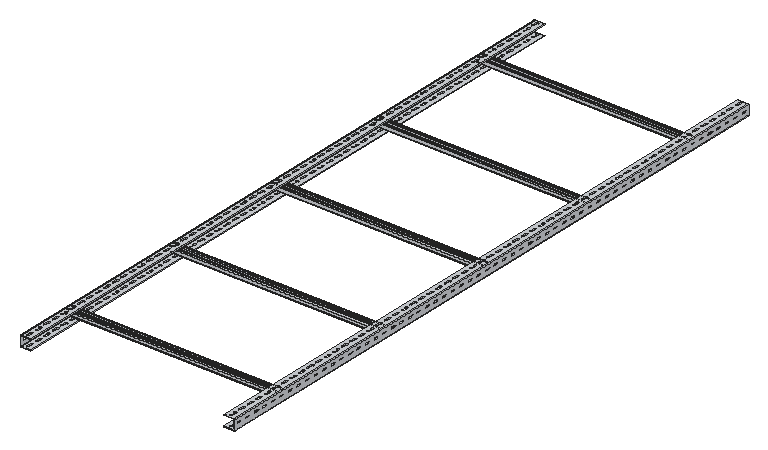
Revit family "steigeleiter_1000_FT", category Generic Models, Revit 2017 (continued)
Forms (mm)
  Extrusion 150, void
    sketch origin (0, 1400, 0) x (1, 0, 0) y (0, 1, 0)
      loop
        arc (-480.5, 15.5) -> (-475, 10) -> (-469.5, 15.5) r 5.5
        line (-469.5, 15.5) -> (-469.5, 34.5)
        arc (-469.5, 34.5) -> (-475, 40) -> (-480.5, 34.5) r 5.5
        line (-480.5, 34.5) -> (-480.5, 15.5)
    from 0 to 2.5
  Extrusion 151, void
    sketch origin (0, 1450, 0) x (1, 0, 0) y (0, 1, 0)
      loop
        arc (-480.5, 15.5) -> (-475, 10) -> (-469.5, 15.5) r 5.5
        line (-469.5, 15.5) -> (-469.5, 34.5)
        arc (-469.5, 34.5) -> (-475, 40) -> (-480.5, 34.5) r 5.5
        line (-480.5, 34.5) -> (-480.5, 15.5)
    from 0 to 2.5
  Extrusion 152, void
    sketch origin (0, 1500, 0) x (1, 0, 0) y (0, 1, 0)
      loop
        arc (-480.5, 15.5) -> (-475, 10) -> (-469.5, 15.5) r 5.5
        line (-469.5, 15.5) -> (-469.5, 34.5)
        arc (-469.5, 34.5) -> (-475, 40) -> (-480.5, 34.5) r 5.5
        line (-480.5, 34.5) -> (-480.5, 15.5)
    from 0 to 2.5
  Extrusion 153, void
    sketch origin (0, 1550, 0) x (1, 0, 0) y (0, 1, 0)
      loop
        arc (-480.5, 15.5) -> (-475, 10) -> (-469.5, 15.5) r 5.5
        line (-469.5, 15.5) -> (-469.5, 34.5)
        arc (-469.5, 34.5) -> (-475, 40) -> (-480.5, 34.5) r 5.5
        line (-480.5, 34.5) -> (-480.5, 15.5)
    from 0 to 2.5
  Extrusion 154, void
    sketch origin (0, 1600, 0) x (1, 0, 0) y (0, 1, 0)
      loop
        arc (-480.5, 15.5) -> (-475, 10) -> (-469.5, 15.5) r 5.5
        line (-469.5, 15.5) -> (-469.5, 34.5)
        arc (-469.5, 34.5) -> (-475, 40) -> (-480.5, 34.5) r 5.5
        line (-480.5, 34.5) -> (-480.5, 15.5)
    from 0 to 2.5
  Extrusion 155, void
    sketch origin (0, 1650, 0) x (1, 0, 0) y (0, 1, 0)
      loop
        arc (-480.5, 15.5) -> (-475, 10) -> (-469.5, 15.5) r 5.5
        line (-469.5, 15.5) -> (-469.5, 34.5)
        arc (-469.5, 34.5) -> (-475, 40) -> (-480.5, 34.5) r 5.5
        line (-480.5, 34.5) -> (-480.5, 15.5)
    from 0 to 2.5
  Extrusion 156, void
    sketch origin (0, 1700, 0) x (1, 0, 0) y (0, 1, 0)
      loop
        arc (-480.5, 15.5) -> (-475, 10) -> (-469.5, 15.5) r 5.5
        line (-469.5, 15.5) -> (-469.5, 34.5)
        arc (-469.5, 34.5) -> (-475, 40) -> (-480.5, 34.5) r 5.5
        line (-480.5, 34.5) -> (-480.5, 15.5)
    from 0 to 2.5
  Extrusion 157, void
    sketch origin (0, 1750, 0) x (1, 0, 0) y (0, 1, 0)
      loop
        arc (-480.5, 15.5) -> (-475, 10) -> (-469.5, 15.5) r 5.5
        line (-469.5, 15.5) -> (-469.5, 34.5)
        arc (-469.5, 34.5) -> (-475, 40) -> (-480.5, 34.5) r 5.5
        line (-480.5, 34.5) -> (-480.5, 15.5)
    from 0 to 2.5
  Extrusion 158, void
    sketch origin (0, 1800, 0) x (1, 0, 0) y (0, 1, 0)
      loop
        arc (-480.5, 15.5) -> (-475, 10) -> (-469.5, 15.5) r 5.5
        line (-469.5, 15.5) -> (-469.5, 34.5)
        arc (-469.5, 34.5) -> (-475, 40) -> (-480.5, 34.5) r 5.5
        line (-480.5, 34.5) -> (-480.5, 15.5)
    from 0 to 2.5
  Extrusion 159, void
    sketch origin (0, 1850, 0) x (1, 0, 0) y (0, 1, 0)
      loop
        arc (-480.5, 15.5) -> (-475, 10) -> (-469.5, 15.5) r 5.5
        line (-469.5, 15.5) -> (-469.5, 34.5)
        arc (-469.5, 34.5) -> (-475, 40) -> (-480.5, 34.5) r 5.5
        line (-480.5, 34.5) -> (-480.5, 15.5)
    from 0 to 2.5
  Extrusion 160, void
    sketch origin (0, 1900, 0) x (1, 0, 0) y (0, 1, 0)
      loop
        arc (-480.5, 15.5) -> (-475, 10) -> (-469.5, 15.5) r 5.5
        line (-469.5, 15.5) -> (-469.5, 34.5)
        arc (-469.5, 34.5) -> (-475, 40) -> (-480.5, 34.5) r 5.5
        line (-480.5, 34.5) -> (-480.5, 15.5)
    from 0 to 2.5
  Extrusion 161, void
    sketch origin (0, 1950, 0) x (1, 0, 0) y (0, 1, 0)
      loop
        arc (-480.5, 15.5) -> (-475, 10) -> (-469.5, 15.5) r 5.5
        line (-469.5, 15.5) -> (-469.5, 34.5)
        arc (-469.5, 34.5) -> (-475, 40) -> (-480.5, 34.5) r 5.5
        line (-480.5, 34.5) -> (-480.5, 15.5)
    from 0 to 2.5
  Extrusion 162, void
    sketch origin (0, 2000, 0) x (1, 0, 0) y (0, 1, 0)
      loop
        arc (-480.5, 15.5) -> (-475, 10) -> (-469.5, 15.5) r 5.5
        line (-469.5, 15.5) -> (-469.5, 34.5)
        arc (-469.5, 34.5) -> (-475, 40) -> (-480.5, 34.5) r 5.5
        line (-480.5, 34.5) -> (-480.5, 15.5)
    from 0 to 2.5
  Extrusion 163, void
    sketch origin (0, 2050, 0) x (1, 0, 0) y (0, 1, 0)
      loop
        arc (-480.5, 15.5) -> (-475, 10) -> (-469.5, 15.5) r 5.5
        line (-469.5, 15.5) -> (-469.5, 34.5)
        arc (-469.5, 34.5) -> (-475, 40) -> (-480.5, 34.5) r 5.5
        line (-480.5, 34.5) -> (-480.5, 15.5)
    from 0 to 2.5
  Extrusion 164, void
    sketch origin (0, 2100, 0) x (1, 0, 0) y (0, 1, 0)
      loop
        arc (-480.5, 15.5) -> (-475, 10) -> (-469.5, 15.5) r 5.5
        line (-469.5, 15.5) -> (-469.5, 34.5)
        arc (-469.5, 34.5) -> (-475, 40) -> (-480.5, 34.5) r 5.5
        line (-480.5, 34.5) -> (-480.5, 15.5)
    from 0 to 2.5
  Extrusion 165, void
    sketch origin (0, 2150, 0) x (1, 0, 0) y (0, 1, 0)
      loop
        arc (-480.5, 15.5) -> (-475, 10) -> (-469.5, 15.5) r 5.5
        line (-469.5, 15.5) -> (-469.5, 34.5)
        arc (-469.5, 34.5) -> (-475, 40) -> (-480.5, 34.5) r 5.5
        line (-480.5, 34.5) -> (-480.5, 15.5)
    from 0 to 2.5
  Extrusion 166, void
    sketch origin (0, 2200, 0) x (1, 0, 0) y (0, 1, 0)
      loop
        arc (-480.5, 15.5) -> (-475, 10) -> (-469.5, 15.5) r 5.5
        line (-469.5, 15.5) -> (-469.5, 34.5)
        arc (-469.5, 34.5) -> (-475, 40) -> (-480.5, 34.5) r 5.5
        line (-480.5, 34.5) -> (-480.5, 15.5)
    from 0 to 2.5
  Extrusion 167, void
    sketch origin (0, 2250, 0) x (1, 0, 0) y (0, 1, 0)
      loop
        arc (-480.5, 15.5) -> (-475, 10) -> (-469.5, 15.5) r 5.5
        line (-469.5, 15.5) -> (-469.5, 34.5)
        arc (-469.5, 34.5) -> (-475, 40) -> (-480.5, 34.5) r 5.5
        line (-480.5, 34.5) -> (-480.5, 15.5)
    from 0 to 2.5
  Extrusion 168, void
    sketch origin (0, 2300, 0) x (1, 0, 0) y (0, 1, 0)
      loop
        arc (-480.5, 15.5) -> (-475, 10) -> (-469.5, 15.5) r 5.5
        line (-469.5, 15.5) -> (-469.5, 34.5)
        arc (-469.5, 34.5) -> (-475, 40) -> (-480.5, 34.5) r 5.5
        line (-480.5, 34.5) -> (-480.5, 15.5)
    from 0 to 2.5
  Extrusion 169, void
    sketch origin (0, 2350, 0) x (1, 0, 0) y (0, 1, 0)
      loop
        arc (-480.5, 15.5) -> (-475, 10) -> (-469.5, 15.5) r 5.5
        line (-469.5, 15.5) -> (-469.5, 34.5)
        arc (-469.5, 34.5) -> (-475, 40) -> (-480.5, 34.5) r 5.5
        line (-480.5, 34.5) -> (-480.5, 15.5)
    from 0 to 2.5
  Extrusion 170, void
    sketch origin (0, 2400, 0) x (1, 0, 0) y (0, 1, 0)
      loop
        arc (-480.5, 15.5) -> (-475, 10) -> (-469.5, 15.5) r 5.5
        line (-469.5, 15.5) -> (-469.5, 34.5)
        arc (-469.5, 34.5) -> (-475, 40) -> (-480.5, 34.5) r 5.5
        line (-480.5, 34.5) -> (-480.5, 15.5)
    from 0 to 2.5
  Extrusion 171, void
    sketch origin (0, 2450, 0) x (1, 0, 0) y (0, 1, 0)
      loop
        arc (-480.5, 15.5) -> (-475, 10) -> (-469.5, 15.5) r 5.5
        line (-469.5, 15.5) -> (-469.5, 34.5)
        arc (-469.5, 34.5) -> (-475, 40) -> (-480.5, 34.5) r 5.5
        line (-480.5, 34.5) -> (-480.5, 15.5)
    from 0 to 2.5
  Extrusion 172, void
    sketch origin (0, 2500, 0) x (1, 0, 0) y (0, 1, 0)
      loop
        arc (-480.5, 15.5) -> (-475, 10) -> (-469.5, 15.5) r 5.5
        line (-469.5, 15.5) -> (-469.5, 34.5)
        arc (-469.5, 34.5) -> (-475, 40) -> (-480.5, 34.5) r 5.5
        line (-480.5, 34.5) -> (-480.5, 15.5)
    from 0 to 2.5
  Extrusion 173, void
    sketch origin (0, 2550, 0) x (1, 0, 0) y (0, 1, 0)
      loop
        arc (-480.5, 15.5) -> (-475, 10) -> (-469.5, 15.5) r 5.5
        line (-469.5, 15.5) -> (-469.5, 34.5)
        arc (-469.5, 34.5) -> (-475, 40) -> (-480.5, 34.5) r 5.5
        line (-480.5, 34.5) -> (-480.5, 15.5)
    from 0 to 2.5
  Extrusion 174, void
    sketch origin (0, 2600, 0) x (1, 0, 0) y (0, 1, 0)
      loop
        arc (-480.5, 15.5) -> (-475, 10) -> (-469.5, 15.5) r 5.5
        line (-469.5, 15.5) -> (-469.5, 34.5)
        arc (-469.5, 34.5) -> (-475, 40) -> (-480.5, 34.5) r 5.5
        line (-480.5, 34.5) -> (-480.5, 15.5)
    from 0 to 2.5
  Extrusion 175, void
    sketch origin (0, 2650, 0) x (1, 0, 0) y (0, 1, 0)
      loop
        arc (-480.5, 15.5) -> (-475, 10) -> (-469.5, 15.5) r 5.5
        line (-469.5, 15.5) -> (-469.5, 34.5)
        arc (-469.5, 34.5) -> (-475, 40) -> (-480.5, 34.5) r 5.5
        line (-480.5, 34.5) -> (-480.5, 15.5)
    from 0 to 2.5
  Extrusion 176, void
    sketch origin (0, 2700, 0) x (1, 0, 0) y (0, 1, 0)
      loop
        arc (-480.5, 15.5) -> (-475, 10) -> (-469.5, 15.5) r 5.5
        line (-469.5, 15.5) -> (-469.5, 34.5)
        arc (-469.5, 34.5) -> (-475, 40) -> (-480.5, 34.5) r 5.5
        line (-480.5, 34.5) -> (-480.5, 15.5)
    from 0 to 2.5
  Extrusion 177, void
    sketch origin (0, 2750, 0) x (1, 0, 0) y (0, 1, 0)
      loop
        arc (-480.5, 15.5) -> (-475, 10) -> (-469.5, 15.5) r 5.5
        line (-469.5, 15.5) -> (-469.5, 34.5)
        arc (-469.5, 34.5) -> (-475, 40) -> (-480.5, 34.5) r 5.5
        line (-480.5, 34.5) -> (-480.5, 15.5)
    from 0 to 2.5
  Extrusion 178, void
    sketch origin (0, 2800, 0) x (1, 0, 0) y (0, 1, 0)
      loop
        arc (-480.5, 15.5) -> (-475, 10) -> (-469.5, 15.5) r 5.5
        line (-469.5, 15.5) -> (-469.5, 34.5)
        arc (-469.5, 34.5) -> (-475, 40) -> (-480.5, 34.5) r 5.5
        line (-480.5, 34.5) -> (-480.5, 15.5)
    from 0 to 2.5
  Extrusion 179, void
    sketch origin (0, 2850, 0) x (1, 0, 0) y (0, 1, 0)
      loop
        arc (-480.5, 15.5) -> (-475, 10) -> (-469.5, 15.5) r 5.5
        line (-469.5, 15.5) -> (-469.5, 34.5)
        arc (-469.5, 34.5) -> (-475, 40) -> (-480.5, 34.5) r 5.5
        line (-480.5, 34.5) -> (-480.5, 15.5)
    from 0 to 2.5
  Extrusion 180, void
    sketch origin (0, 2900, 0) x (1, 0, 0) y (0, 1, 0)
      loop
        arc (-480.5, 15.5) -> (-475, 10) -> (-469.5, 15.5) r 5.5
        line (-469.5, 15.5) -> (-469.5, 34.5)
        arc (-469.5, 34.5) -> (-475, 40) -> (-480.5, 34.5) r 5.5
        line (-480.5, 34.5) -> (-480.5, 15.5)
    from 0 to 2.5
  Extrusion 181, void
    sketch origin (0, 2950, 0) x (1, 0, 0) y (0, 1, 0)
      loop
        arc (-480.5, 15.5) -> (-475, 10) -> (-469.5, 15.5) r 5.5
        line (-469.5, 15.5) -> (-469.5, 34.5)
        arc (-469.5, 34.5) -> (-475, 40) -> (-480.5, 34.5) r 5.5
        line (-480.5, 34.5) -> (-480.5, 15.5)
    from 0 to 2.5
  Extrusion 182, void
    sketch origin (0, 0, 0) x (1, 0, 0) y (0, 1, 0)
      loop
        arc (469.5, 15.5) -> (475, 10) -> (480.5, 15.5) r 5.5
        line (480.5, 15.5) -> (480.5, 34.5)
        arc (480.5, 34.5) -> (475, 40) -> (469.5, 34.5) r 5.5
        line (469.5, 34.5) -> (469.5, 15.5)
    from 0 to 2.5
  Extrusion 183, void
    sketch origin (0, 50, 0) x (1, 0, 0) y (0, 1, 0)
      loop
        arc (469.5, 15.5) -> (475, 10) -> (480.5, 15.5) r 5.5
        line (480.5, 15.5) -> (480.5, 34.5)
        arc (480.5, 34.5) -> (475, 40) -> (469.5, 34.5) r 5.5
        line (469.5, 34.5) -> (469.5, 15.5)
    from 0 to 2.5
  Extrusion 184, void
    sketch origin (0, 100, 0) x (1, 0, 0) y (0, 1, 0)
      loop
        arc (469.5, 15.5) -> (475, 10) -> (480.5, 15.5) r 5.5
        line (480.5, 15.5) -> (480.5, 34.5)
        arc (480.5, 34.5) -> (475, 40) -> (469.5, 34.5) r 5.5
        line (469.5, 34.5) -> (469.5, 15.5)
    from 0 to 2.5
  Extrusion 185, void
    sketch origin (0, 150, 0) x (1, 0, 0) y (0, 1, 0)
      loop
        arc (469.5, 15.5) -> (475, 10) -> (480.5, 15.5) r 5.5
        line (480.5, 15.5) -> (480.5, 34.5)
        arc (480.5, 34.5) -> (475, 40) -> (469.5, 34.5) r 5.5
        line (469.5, 34.5) -> (469.5, 15.5)
    from 0 to 2.5
  Extrusion 186, void
    sketch origin (0, 200, 0) x (1, 0, 0) y (0, 1, 0)
      loop
        arc (469.5, 15.5) -> (475, 10) -> (480.5, 15.5) r 5.5
        line (480.5, 15.5) -> (480.5, 34.5)
        arc (480.5, 34.5) -> (475, 40) -> (469.5, 34.5) r 5.5
        line (469.5, 34.5) -> (469.5, 15.5)
    from 0 to 2.5
  Extrusion 187, void
    sketch origin (0, 250, 0) x (1, 0, 0) y (0, 1, 0)
      loop
        arc (469.5, 15.5) -> (475, 10) -> (480.5, 15.5) r 5.5
        line (480.5, 15.5) -> (480.5, 34.5)
        arc (480.5, 34.5) -> (475, 40) -> (469.5, 34.5) r 5.5
        line (469.5, 34.5) -> (469.5, 15.5)
    from 0 to 2.5
  Extrusion 188, void
    sketch origin (0, 300, 0) x (1, 0, 0) y (0, 1, 0)
      loop
        arc (469.5, 15.5) -> (475, 10) -> (480.5, 15.5) r 5.5
        line (480.5, 15.5) -> (480.5, 34.5)
        arc (480.5, 34.5) -> (475, 40) -> (469.5, 34.5) r 5.5
        line (469.5, 34.5) -> (469.5, 15.5)
    from 0 to 2.5
  Extrusion 189, void
    sketch origin (0, 350, 0) x (1, 0, 0) y (0, 1, 0)
      loop
        arc (469.5, 15.5) -> (475, 10) -> (480.5, 15.5) r 5.5
        line (480.5, 15.5) -> (480.5, 34.5)
        arc (480.5, 34.5) -> (475, 40) -> (469.5, 34.5) r 5.5
        line (469.5, 34.5) -> (469.5, 15.5)
    from 0 to 2.5
  Extrusion 190, void
    sketch origin (0, 400, 0) x (1, 0, 0) y (0, 1, 0)
      loop
        arc (469.5, 15.5) -> (475, 10) -> (480.5, 15.5) r 5.5
        line (480.5, 15.5) -> (480.5, 34.5)
        arc (480.5, 34.5) -> (475, 40) -> (469.5, 34.5) r 5.5
        line (469.5, 34.5) -> (469.5, 15.5)
    from 0 to 2.5
  Extrusion 191, void
    sketch origin (0, 450, 0) x (1, 0, 0) y (0, 1, 0)
      loop
        arc (469.5, 15.5) -> (475, 10) -> (480.5, 15.5) r 5.5
        line (480.5, 15.5) -> (480.5, 34.5)
        arc (480.5, 34.5) -> (475, 40) -> (469.5, 34.5) r 5.5
        line (469.5, 34.5) -> (469.5, 15.5)
    from 0 to 2.5
  Extrusion 192, void
    sketch origin (0, 500, 0) x (1, 0, 0) y (0, 1, 0)
      loop
        arc (469.5, 15.5) -> (475, 10) -> (480.5, 15.5) r 5.5
        line (480.5, 15.5) -> (480.5, 34.5)
        arc (480.5, 34.5) -> (475, 40) -> (469.5, 34.5) r 5.5
        line (469.5, 34.5) -> (469.5, 15.5)
    from 0 to 2.5
  Extrusion 193, void
    sketch origin (0, 550, 0) x (1, 0, 0) y (0, 1, 0)
      loop
        arc (469.5, 15.5) -> (475, 10) -> (480.5, 15.5) r 5.5
        line (480.5, 15.5) -> (480.5, 34.5)
        arc (480.5, 34.5) -> (475, 40) -> (469.5, 34.5) r 5.5
        line (469.5, 34.5) -> (469.5, 15.5)
    from 0 to 2.5
  Extrusion 194, void
    sketch origin (0, 600, 0) x (1, 0, 0) y (0, 1, 0)
      loop
        arc (469.5, 15.5) -> (475, 10) -> (480.5, 15.5) r 5.5
        line (480.5, 15.5) -> (480.5, 34.5)
        arc (480.5, 34.5) -> (475, 40) -> (469.5, 34.5) r 5.5
        line (469.5, 34.5) -> (469.5, 15.5)
    from 0 to 2.5
  Extrusion 195, void
    sketch origin (0, 650, 0) x (1, 0, 0) y (0, 1, 0)
      loop
        arc (469.5, 15.5) -> (475, 10) -> (480.5, 15.5) r 5.5
        line (480.5, 15.5) -> (480.5, 34.5)
        arc (480.5, 34.5) -> (475, 40) -> (469.5, 34.5) r 5.5
        line (469.5, 34.5) -> (469.5, 15.5)
    from 0 to 2.5
  Extrusion 196, void
    sketch origin (0, 700, 0) x (1, 0, 0) y (0, 1, 0)
      loop
        arc (469.5, 15.5) -> (475, 10) -> (480.5, 15.5) r 5.5
        line (480.5, 15.5) -> (480.5, 34.5)
        arc (480.5, 34.5) -> (475, 40) -> (469.5, 34.5) r 5.5
        line (469.5, 34.5) -> (469.5, 15.5)
    from 0 to 2.5
  Extrusion 197, void
    sketch origin (0, 750, 0) x (1, 0, 0) y (0, 1, 0)
      loop
        arc (469.5, 15.5) -> (475, 10) -> (480.5, 15.5) r 5.5
        line (480.5, 15.5) -> (480.5, 34.5)
        arc (480.5, 34.5) -> (475, 40) -> (469.5, 34.5) r 5.5
        line (469.5, 34.5) -> (469.5, 15.5)
    from 0 to 2.5
  Extrusion 198, void
    sketch origin (0, 800, 0) x (1, 0, 0) y (0, 1, 0)
      loop
        arc (469.5, 15.5) -> (475, 10) -> (480.5, 15.5) r 5.5
        line (480.5, 15.5) -> (480.5, 34.5)
        arc (480.5, 34.5) -> (475, 40) -> (469.5, 34.5) r 5.5
        line (469.5, 34.5) -> (469.5, 15.5)
    from 0 to 2.5
  Extrusion 199, void
    sketch origin (0, 850, 0) x (1, 0, 0) y (0, 1, 0)
      loop
        arc (469.5, 15.5) -> (475, 10) -> (480.5, 15.5) r 5.5
        line (480.5, 15.5) -> (480.5, 34.5)
        arc (480.5, 34.5) -> (475, 40) -> (469.5, 34.5) r 5.5
        line (469.5, 34.5) -> (469.5, 15.5)
    from 0 to 2.5
  Extrusion 200, void
    sketch origin (0, 900, 0) x (1, 0, 0) y (0, 1, 0)
      loop
        arc (469.5, 15.5) -> (475, 10) -> (480.5, 15.5) r 5.5
        line (480.5, 15.5) -> (480.5, 34.5)
        arc (480.5, 34.5) -> (475, 40) -> (469.5, 34.5) r 5.5
        line (469.5, 34.5) -> (469.5, 15.5)
    from 0 to 2.5
  Extrusion 201, void
    sketch origin (0, 950, 0) x (1, 0, 0) y (0, 1, 0)
      loop
        arc (469.5, 15.5) -> (475, 10) -> (480.5, 15.5) r 5.5
        line (480.5, 15.5) -> (480.5, 34.5)
        arc (480.5, 34.5) -> (475, 40) -> (469.5, 34.5) r 5.5
        line (469.5, 34.5) -> (469.5, 15.5)
    from 0 to 2.5
  Extrusion 202, void
    sketch origin (0, 1000, 0) x (1, 0, 0) y (0, 1, 0)
      loop
        arc (469.5, 15.5) -> (475, 10) -> (480.5, 15.5) r 5.5
        line (480.5, 15.5) -> (480.5, 34.5)
        arc (480.5, 34.5) -> (475, 40) -> (469.5, 34.5) r 5.5
        line (469.5, 34.5) -> (469.5, 15.5)
    from 0 to 2.5
  Extrusion 203, void
    sketch origin (0, 1050, 0) x (1, 0, 0) y (0, 1, 0)
      loop
        arc (469.5, 15.5) -> (475, 10) -> (480.5, 15.5) r 5.5
        line (480.5, 15.5) -> (480.5, 34.5)
        arc (480.5, 34.5) -> (475, 40) -> (469.5, 34.5) r 5.5
        line (469.5, 34.5) -> (469.5, 15.5)
    from 0 to 2.5
  Extrusion 204, void
    sketch origin (0, 1100, 0) x (1, 0, 0) y (0, 1, 0)
      loop
        arc (469.5, 15.5) -> (475, 10) -> (480.5, 15.5) r 5.5
        line (480.5, 15.5) -> (480.5, 34.5)
        arc (480.5, 34.5) -> (475, 40) -> (469.5, 34.5) r 5.5
        line (469.5, 34.5) -> (469.5, 15.5)
    from 0 to 2.5
  Extrusion 205, void
    sketch origin (0, 1150, 0) x (1, 0, 0) y (0, 1, 0)
      loop
        arc (469.5, 15.5) -> (475, 10) -> (480.5, 15.5) r 5.5
        line (480.5, 15.5) -> (480.5, 34.5)
        arc (480.5, 34.5) -> (475, 40) -> (469.5, 34.5) r 5.5
        line (469.5, 34.5) -> (469.5, 15.5)
    from 0 to 2.5
  Extrusion 206, void
    sketch origin (0, 1200, 0) x (1, 0, 0) y (0, 1, 0)
      loop
        arc (469.5, 15.5) -> (475, 10) -> (480.5, 15.5) r 5.5
        line (480.5, 15.5) -> (480.5, 34.5)
        arc (480.5, 34.5) -> (475, 40) -> (469.5, 34.5) r 5.5
        line (469.5, 34.5) -> (469.5, 15.5)
    from 0 to 2.5
  Extrusion 207, void
    sketch origin (0, 1250, 0) x (1, 0, 0) y (0, 1, 0)
      loop
        arc (469.5, 15.5) -> (475, 10) -> (480.5, 15.5) r 5.5
        line (480.5, 15.5) -> (480.5, 34.5)
        arc (480.5, 34.5) -> (475, 40) -> (469.5, 34.5) r 5.5
        line (469.5, 34.5) -> (469.5, 15.5)
    from 0 to 2.5
  Extrusion 208, void
    sketch origin (0, 1300, 0) x (1, 0, 0) y (0, 1, 0)
      loop
        arc (469.5, 15.5) -> (475, 10) -> (480.5, 15.5) r 5.5
        line (480.5, 15.5) -> (480.5, 34.5)
        arc (480.5, 34.5) -> (475, 40) -> (469.5, 34.5) r 5.5
        line (469.5, 34.5) -> (469.5, 15.5)
    from 0 to 2.5
  Extrusion 209, void
    sketch origin (0, 1350, 0) x (1, 0, 0) y (0, 1, 0)
      loop
        arc (469.5, 15.5) -> (475, 10) -> (480.5, 15.5) r 5.5
        line (480.5, 15.5) -> (480.5, 34.5)
        arc (480.5, 34.5) -> (475, 40) -> (469.5, 34.5) r 5.5
        line (469.5, 34.5) -> (469.5, 15.5)
    from 0 to 2.5
  Extrusion 210, void
    sketch origin (0, 1400, 0) x (1, 0, 0) y (0, 1, 0)
      loop
        arc (469.5, 15.5) -> (475, 10) -> (480.5, 15.5) r 5.5
        line (480.5, 15.5) -> (480.5, 34.5)
        arc (480.5, 34.5) -> (475, 40) -> (469.5, 34.5) r 5.5
        line (469.5, 34.5) -> (469.5, 15.5)
    from 0 to 2.5
  Extrusion 211, void
    sketch origin (0, 1450, 0) x (1, 0, 0) y (0, 1, 0)
      loop
        arc (469.5, 15.5) -> (475, 10) -> (480.5, 15.5) r 5.5
        line (480.5, 15.5) -> (480.5, 34.5)
        arc (480.5, 34.5) -> (475, 40) -> (469.5, 34.5) r 5.5
        line (469.5, 34.5) -> (469.5, 15.5)
    from 0 to 2.5
  Extrusion 212, void
    sketch origin (0, 1500, 0) x (1, 0, 0) y (0, 1, 0)
      loop
        arc (469.5, 15.5) -> (475, 10) -> (480.5, 15.5) r 5.5
        line (480.5, 15.5) -> (480.5, 34.5)
        arc (480.5, 34.5) -> (475, 40) -> (469.5, 34.5) r 5.5
        line (469.5, 34.5) -> (469.5, 15.5)
    from 0 to 2.5
  Extrusion 213, void
    sketch origin (0, 1550, 0) x (1, 0, 0) y (0, 1, 0)
      loop
        arc (469.5, 15.5) -> (475, 10) -> (480.5, 15.5) r 5.5
        line (480.5, 15.5) -> (480.5, 34.5)
        arc (480.5, 34.5) -> (475, 40) -> (469.5, 34.5) r 5.5
        line (469.5, 34.5) -> (469.5, 15.5)
    from 0 to 2.5
  Extrusion 214, void
    sketch origin (0, 1600, 0) x (1, 0, 0) y (0, 1, 0)
      loop
        arc (469.5, 15.5) -> (475, 10) -> (480.5, 15.5) r 5.5
        line (480.5, 15.5) -> (480.5, 34.5)
        arc (480.5, 34.5) -> (475, 40) -> (469.5, 34.5) r 5.5
        line (469.5, 34.5) -> (469.5, 15.5)
    from 0 to 2.5
  Extrusion 215, void
    sketch origin (0, 1650, 0) x (1, 0, 0) y (0, 1, 0)
      loop
        arc (469.5, 15.5) -> (475, 10) -> (480.5, 15.5) r 5.5
        line (480.5, 15.5) -> (480.5, 34.5)
        arc (480.5, 34.5) -> (475, 40) -> (469.5, 34.5) r 5.5
        line (469.5, 34.5) -> (469.5, 15.5)
    from 0 to 2.5
  Extrusion 216, void
    sketch origin (0, 1700, 0) x (1, 0, 0) y (0, 1, 0)
      loop
        arc (469.5, 15.5) -> (475, 10) -> (480.5, 15.5) r 5.5
        line (480.5, 15.5) -> (480.5, 34.5)
        arc (480.5, 34.5) -> (475, 40) -> (469.5, 34.5) r 5.5
        line (469.5, 34.5) -> (469.5, 15.5)
    from 0 to 2.5
  Extrusion 217, void
    sketch origin (0, 1750, 0) x (1, 0, 0) y (0, 1, 0)
      loop
        arc (469.5, 15.5) -> (475, 10) -> (480.5, 15.5) r 5.5
        line (480.5, 15.5) -> (480.5, 34.5)
        arc (480.5, 34.5) -> (475, 40) -> (469.5, 34.5) r 5.5
        line (469.5, 34.5) -> (469.5, 15.5)
    from 0 to 2.5
  Extrusion 218, void
    sketch origin (0, 1800, 0) x (1, 0, 0) y (0, 1, 0)
      loop
        arc (469.5, 15.5) -> (475, 10) -> (480.5, 15.5) r 5.5
        line (480.5, 15.5) -> (480.5, 34.5)
        arc (480.5, 34.5) -> (475, 40) -> (469.5, 34.5) r 5.5
        line (469.5, 34.5) -> (469.5, 15.5)
    from 0 to 2.5
  Extrusion 219, void
    sketch origin (0, 1850, 0) x (1, 0, 0) y (0, 1, 0)
      loop
        arc (469.5, 15.5) -> (475, 10) -> (480.5, 15.5) r 5.5
        line (480.5, 15.5) -> (480.5, 34.5)
        arc (480.5, 34.5) -> (475, 40) -> (469.5, 34.5) r 5.5
        line (469.5, 34.5) -> (469.5, 15.5)
    from 0 to 2.5
  Extrusion 220, void
    sketch origin (0, 1900, 0) x (1, 0, 0) y (0, 1, 0)
      loop
        arc (469.5, 15.5) -> (475, 10) -> (480.5, 15.5) r 5.5
        line (480.5, 15.5) -> (480.5, 34.5)
        arc (480.5, 34.5) -> (475, 40) -> (469.5, 34.5) r 5.5
        line (469.5, 34.5) -> (469.5, 15.5)
    from 0 to 2.5
  Extrusion 221, void
    sketch origin (0, 1950, 0) x (1, 0, 0) y (0, 1, 0)
      loop
        arc (469.5, 15.5) -> (475, 10) -> (480.5, 15.5) r 5.5
        line (480.5, 15.5) -> (480.5, 34.5)
        arc (480.5, 34.5) -> (475, 40) -> (469.5, 34.5) r 5.5
        line (469.5, 34.5) -> (469.5, 15.5)
    from 0 to 2.5
  Extrusion 222, void
    sketch origin (0, 2000, 0) x (1, 0, 0) y (0, 1, 0)
      loop
        arc (469.5, 15.5) -> (475, 10) -> (480.5, 15.5) r 5.5
        line (480.5, 15.5) -> (480.5, 34.5)
        arc (480.5, 34.5) -> (475, 40) -> (469.5, 34.5) r 5.5
        line (469.5, 34.5) -> (469.5, 15.5)
    from 0 to 2.5
  Extrusion 223, void
    sketch origin (0, 2050, 0) x (1, 0, 0) y (0, 1, 0)
      loop
        arc (469.5, 15.5) -> (475, 10) -> (480.5, 15.5) r 5.5
        line (480.5, 15.5) -> (480.5, 34.5)
        arc (480.5, 34.5) -> (475, 40) -> (469.5, 34.5) r 5.5
        line (469.5, 34.5) -> (469.5, 15.5)
    from 0 to 2.5
  Extrusion 224, void
    sketch origin (0, 2100, 0) x (1, 0, 0) y (0, 1, 0)
      loop
        arc (469.5, 15.5) -> (475, 10) -> (480.5, 15.5) r 5.5
        line (480.5, 15.5) -> (480.5, 34.5)
        arc (480.5, 34.5) -> (475, 40) -> (469.5, 34.5) r 5.5
        line (469.5, 34.5) -> (469.5, 15.5)
    from 0 to 2.5
  Extrusion 225, void
    sketch origin (0, 2150, 0) x (1, 0, 0) y (0, 1, 0)
      loop
        arc (469.5, 15.5) -> (475, 10) -> (480.5, 15.5) r 5.5
        line (480.5, 15.5) -> (480.5, 34.5)
        arc (480.5, 34.5) -> (475, 40) -> (469.5, 34.5) r 5.5
        line (469.5, 34.5) -> (469.5, 15.5)
    from 0 to 2.5
  Extrusion 226, void
    sketch origin (0, 2200, 0) x (1, 0, 0) y (0, 1, 0)
      loop
        arc (469.5, 15.5) -> (475, 10) -> (480.5, 15.5) r 5.5
        line (480.5, 15.5) -> (480.5, 34.5)
        arc (480.5, 34.5) -> (475, 40) -> (469.5, 34.5) r 5.5
        line (469.5, 34.5) -> (469.5, 15.5)
    from 0 to 2.5
  Extrusion 227, void
    sketch origin (0, 2250, 0) x (1, 0, 0) y (0, 1, 0)
      loop
        arc (469.5, 15.5) -> (475, 10) -> (480.5, 15.5) r 5.5
        line (480.5, 15.5) -> (480.5, 34.5)
        arc (480.5, 34.5) -> (475, 40) -> (469.5, 34.5) r 5.5
        line (469.5, 34.5) -> (469.5, 15.5)
    from 0 to 2.5
  Extrusion 228, void
    sketch origin (0, 2300, 0) x (1, 0, 0) y (0, 1, 0)
      loop
        arc (469.5, 15.5) -> (475, 10) -> (480.5, 15.5) r 5.5
        line (480.5, 15.5) -> (480.5, 34.5)
        arc (480.5, 34.5) -> (475, 40) -> (469.5, 34.5) r 5.5
        line (469.5, 34.5) -> (469.5, 15.5)
    from 0 to 2.5
  Extrusion 229, void
    sketch origin (0, 2350, 0) x (1, 0, 0) y (0, 1, 0)
      loop
        arc (469.5, 15.5) -> (475, 10) -> (480.5, 15.5) r 5.5
        line (480.5, 15.5) -> (480.5, 34.5)
        arc (480.5, 34.5) -> (475, 40) -> (469.5, 34.5) r 5.5
        line (469.5, 34.5) -> (469.5, 15.5)
    from 0 to 2.5
  Extrusion 230, void
    sketch origin (0, 2400, 0) x (1, 0, 0) y (0, 1, 0)
      loop
        arc (469.5, 15.5) -> (475, 10) -> (480.5, 15.5) r 5.5
        line (480.5, 15.5) -> (480.5, 34.5)
        arc (480.5, 34.5) -> (475, 40) -> (469.5, 34.5) r 5.5
        line (469.5, 34.5) -> (469.5, 15.5)
    from 0 to 2.5
  Extrusion 231, void
    sketch origin (0, 2450, 0) x (1, 0, 0) y (0, 1, 0)
      loop
        arc (469.5, 15.5) -> (475, 10) -> (480.5, 15.5) r 5.5
        line (480.5, 15.5) -> (480.5, 34.5)
        arc (480.5, 34.5) -> (475, 40) -> (469.5, 34.5) r 5.5
        line (469.5, 34.5) -> (469.5, 15.5)
    from 0 to 2.5
  Extrusion 232, void
    sketch origin (0, 2500, 0) x (1, 0, 0) y (0, 1, 0)
      loop
        arc (469.5, 15.5) -> (475, 10) -> (480.5, 15.5) r 5.5
        line (480.5, 15.5) -> (480.5, 34.5)
        arc (480.5, 34.5) -> (475, 40) -> (469.5, 34.5) r 5.5
        line (469.5, 34.5) -> (469.5, 15.5)
    from 0 to 2.5
  Extrusion 233, void
    sketch origin (0, 2550, 0) x (1, 0, 0) y (0, 1, 0)
      loop
        arc (469.5, 15.5) -> (475, 10) -> (480.5, 15.5) r 5.5
        line (480.5, 15.5) -> (480.5, 34.5)
        arc (480.5, 34.5) -> (475, 40) -> (469.5, 34.5) r 5.5
        line (469.5, 34.5) -> (469.5, 15.5)
    from 0 to 2.5
  Extrusion 234, void
    sketch origin (0, 2600, 0) x (1, 0, 0) y (0, 1, 0)
      loop
        arc (469.5, 15.5) -> (475, 10) -> (480.5, 15.5) r 5.5
        line (480.5, 15.5) -> (480.5, 34.5)
        arc (480.5, 34.5) -> (475, 40) -> (469.5, 34.5) r 5.5
        line (469.5, 34.5) -> (469.5, 15.5)
    from 0 to 2.5
  Extrusion 235, void
    sketch origin (0, 2650, 0) x (1, 0, 0) y (0, 1, 0)
      loop
        arc (469.5, 15.5) -> (475, 10) -> (480.5, 15.5) r 5.5
        line (480.5, 15.5) -> (480.5, 34.5)
        arc (480.5, 34.5) -> (475, 40) -> (469.5, 34.5) r 5.5
        line (469.5, 34.5) -> (469.5, 15.5)
    from 0 to 2.5
  Extrusion 236, void
    sketch origin (0, 2700, 0) x (1, 0, 0) y (0, 1, 0)
      loop
        arc (469.5, 15.5) -> (475, 10) -> (480.5, 15.5) r 5.5
        line (480.5, 15.5) -> (480.5, 34.5)
        arc (480.5, 34.5) -> (475, 40) -> (469.5, 34.5) r 5.5
        line (469.5, 34.5) -> (469.5, 15.5)
    from 0 to 2.5
  Extrusion 237, void
    sketch origin (0, 2750, 0) x (1, 0, 0) y (0, 1, 0)
      loop
        arc (469.5, 15.5) -> (475, 10) -> (480.5, 15.5) r 5.5
        line (480.5, 15.5) -> (480.5, 34.5)
        arc (480.5, 34.5) -> (475, 40) -> (469.5, 34.5) r 5.5
        line (469.5, 34.5) -> (469.5, 15.5)
    from 0 to 2.5
  Extrusion 238, void
    sketch origin (0, 2800, 0) x (1, 0, 0) y (0, 1, 0)
      loop
        arc (469.5, 15.5) -> (475, 10) -> (480.5, 15.5) r 5.5
        line (480.5, 15.5) -> (480.5, 34.5)
        arc (480.5, 34.5) -> (475, 40) -> (469.5, 34.5) r 5.5
        line (469.5, 34.5) -> (469.5, 15.5)
    from 0 to 2.5
  Extrusion 239, void
    sketch origin (0, 2850, 0) x (1, 0, 0) y (0, 1, 0)
      loop
        arc (469.5, 15.5) -> (475, 10) -> (480.5, 15.5) r 5.5
        line (480.5, 15.5) -> (480.5, 34.5)
        arc (480.5, 34.5) -> (475, 40) -> (469.5, 34.5) r 5.5
        line (469.5, 34.5) -> (469.5, 15.5)
    from 0 to 2.5
  Extrusion 240, void
    sketch origin (0, 2900, 0) x (1, 0, 0) y (0, 1, 0)
      loop
        arc (469.5, 15.5) -> (475, 10) -> (480.5, 15.5) r 5.5
        line (480.5, 15.5) -> (480.5, 34.5)
        arc (480.5, 34.5) -> (475, 40) -> (469.5, 34.5) r 5.5
        line (469.5, 34.5) -> (469.5, 15.5)
    from 0 to 2.5
  Extrusion 241, void
    sketch origin (0, 2950, 0) x (1, 0, 0) y (0, 1, 0)
      loop
        arc (469.5, 15.5) -> (475, 10) -> (480.5, 15.5) r 5.5
        line (480.5, 15.5) -> (480.5, 34.5)
        arc (480.5, 34.5) -> (475, 40) -> (469.5, 34.5) r 5.5
        line (469.5, 34.5) -> (469.5, 15.5)
    from 0 to 2.5
  Extrusion 242, void
    sketch origin (0, 50, 0) x (0, 1, 0) y (0, 0, 1)
      loop
        arc (15.5, 30.5) -> (10, 25) -> (15.5, 19.5) r 5.5
        line (15.5, 19.5) -> (34.5, 19.5)
        arc (34.5, 19.5) -> (40, 25) -> (34.5, 30.5) r 5.5
        line (34.5, 30.5) -> (15.5, 30.5)
    from 497.5 to 500
  Extrusion 243, void
    sketch origin (0, 100, 0) x (0, 1, 0) y (0, 0, 1)
      loop
        arc (15.5, 30.5) -> (10, 25) -> (15.5, 19.5) r 5.5
        line (15.5, 19.5) -> (34.5, 19.5)
        arc (34.5, 19.5) -> (40, 25) -> (34.5, 30.5) r 5.5
        line (34.5, 30.5) -> (15.5, 30.5)
    from 497.5 to 500
  Extrusion 244, void
    sketch origin (0, 150, 0) x (0, 1, 0) y (0, 0, 1)
      loop
        arc (15.5, 30.5) -> (10, 25) -> (15.5, 19.5) r 5.5
        line (15.5, 19.5) -> (34.5, 19.5)
        arc (34.5, 19.5) -> (40, 25) -> (34.5, 30.5) r 5.5
        line (34.5, 30.5) -> (15.5, 30.5)
    from 497.5 to 500
  Extrusion 245, void
    sketch origin (0, 200, 0) x (0, 1, 0) y (0, 0, 1)
      loop
        arc (15.5, 30.5) -> (10, 25) -> (15.5, 19.5) r 5.5
        line (15.5, 19.5) -> (34.5, 19.5)
        arc (34.5, 19.5) -> (40, 25) -> (34.5, 30.5) r 5.5
        line (34.5, 30.5) -> (15.5, 30.5)
    from 497.5 to 500
  Extrusion 246, void
    sketch origin (0, 250, 0) x (0, 1, 0) y (0, 0, 1)
      loop
        arc (15.5, 30.5) -> (10, 25) -> (15.5, 19.5) r 5.5
        line (15.5, 19.5) -> (34.5, 19.5)
        arc (34.5, 19.5) -> (40, 25) -> (34.5, 30.5) r 5.5
        line (34.5, 30.5) -> (15.5, 30.5)
    from 497.5 to 500
  Extrusion 247, void
    sketch origin (0, 300, 0) x (0, 1, 0) y (0, 0, 1)
      loop
        arc (15.5, 30.5) -> (10, 25) -> (15.5, 19.5) r 5.5
        line (15.5, 19.5) -> (34.5, 19.5)
        arc (34.5, 19.5) -> (40, 25) -> (34.5, 30.5) r 5.5
        line (34.5, 30.5) -> (15.5, 30.5)
    from 497.5 to 500
  Extrusion 248, void
    sketch origin (0, 350, 0) x (0, 1, 0) y (0, 0, 1)
      loop
        arc (15.5, 30.5) -> (10, 25) -> (15.5, 19.5) r 5.5
        line (15.5, 19.5) -> (34.5, 19.5)
        arc (34.5, 19.5) -> (40, 25) -> (34.5, 30.5) r 5.5
        line (34.5, 30.5) -> (15.5, 30.5)
    from 497.5 to 500
  Extrusion 249, void
    sketch origin (0, 400, 0) x (0, 1, 0) y (0, 0, 1)
      loop
        arc (15.5, 30.5) -> (10, 25) -> (15.5, 19.5) r 5.5
        line (15.5, 19.5) -> (34.5, 19.5)
        arc (34.5, 19.5) -> (40, 25) -> (34.5, 30.5) r 5.5
        line (34.5, 30.5) -> (15.5, 30.5)
    from 497.5 to 500
  Extrusion 250, void
    sketch origin (0, 450, 0) x (0, 1, 0) y (0, 0, 1)
      loop
        arc (15.5, 30.5) -> (10, 25) -> (15.5, 19.5) r 5.5
        line (15.5, 19.5) -> (34.5, 19.5)
        arc (34.5, 19.5) -> (40, 25) -> (34.5, 30.5) r 5.5
        line (34.5, 30.5) -> (15.5, 30.5)
    from 497.5 to 500
  Extrusion 251, void
    sketch origin (0, 500, 0) x (0, 1, 0) y (0, 0, 1)
      loop
        arc (15.5, 30.5) -> (10, 25) -> (15.5, 19.5) r 5.5
        line (15.5, 19.5) -> (34.5, 19.5)
        arc (34.5, 19.5) -> (40, 25) -> (34.5, 30.5) r 5.5
        line (34.5, 30.5) -> (15.5, 30.5)
    from 497.5 to 500
  Extrusion 252, void
    sketch origin (0, 550, 0) x (0, 1, 0) y (0, 0, 1)
      loop
        arc (15.5, 30.5) -> (10, 25) -> (15.5, 19.5) r 5.5
        line (15.5, 19.5) -> (34.5, 19.5)
        arc (34.5, 19.5) -> (40, 25) -> (34.5, 30.5) r 5.5
        line (34.5, 30.5) -> (15.5, 30.5)
    from 497.5 to 500
  Extrusion 253, void
    sketch origin (0, 600, 0) x (0, 1, 0) y (0, 0, 1)
      loop
        arc (15.5, 30.5) -> (10, 25) -> (15.5, 19.5) r 5.5
        line (15.5, 19.5) -> (34.5, 19.5)
        arc (34.5, 19.5) -> (40, 25) -> (34.5, 30.5) r 5.5
        line (34.5, 30.5) -> (15.5, 30.5)
    from 497.5 to 500
  Extrusion 254, void
    sketch origin (0, 650, 0) x (0, 1, 0) y (0, 0, 1)
      loop
        arc (15.5, 30.5) -> (10, 25) -> (15.5, 19.5) r 5.5
        line (15.5, 19.5) -> (34.5, 19.5)
        arc (34.5, 19.5) -> (40, 25) -> (34.5, 30.5) r 5.5
        line (34.5, 30.5) -> (15.5, 30.5)
    from 497.5 to 500
  Extrusion 255, void
    sketch origin (0, 700, 0) x (0, 1, 0) y (0, 0, 1)
      loop
        arc (15.5, 30.5) -> (10, 25) -> (15.5, 19.5) r 5.5
        line (15.5, 19.5) -> (34.5, 19.5)
        arc (34.5, 19.5) -> (40, 25) -> (34.5, 30.5) r 5.5
        line (34.5, 30.5) -> (15.5, 30.5)
    from 497.5 to 500
  Extrusion 256, void
    sketch origin (0, 750, 0) x (0, 1, 0) y (0, 0, 1)
      loop
        arc (15.5, 30.5) -> (10, 25) -> (15.5, 19.5) r 5.5
        line (15.5, 19.5) -> (34.5, 19.5)
        arc (34.5, 19.5) -> (40, 25) -> (34.5, 30.5) r 5.5
        line (34.5, 30.5) -> (15.5, 30.5)
    from 497.5 to 500
  Extrusion 257, void
    sketch origin (0, 800, 0) x (0, 1, 0) y (0, 0, 1)
      loop
        arc (15.5, 30.5) -> (10, 25) -> (15.5, 19.5) r 5.5
        line (15.5, 19.5) -> (34.5, 19.5)
        arc (34.5, 19.5) -> (40, 25) -> (34.5, 30.5) r 5.5
        line (34.5, 30.5) -> (15.5, 30.5)
    from 497.5 to 500
  Extrusion 258, void
    sketch origin (0, 850, 0) x (0, 1, 0) y (0, 0, 1)
      loop
        arc (15.5, 30.5) -> (10, 25) -> (15.5, 19.5) r 5.5
        line (15.5, 19.5) -> (34.5, 19.5)
        arc (34.5, 19.5) -> (40, 25) -> (34.5, 30.5) r 5.5
        line (34.5, 30.5) -> (15.5, 30.5)
    from 497.5 to 500
  Extrusion 259, void
    sketch origin (0, 900, 0) x (0, 1, 0) y (0, 0, 1)
      loop
        arc (15.5, 30.5) -> (10, 25) -> (15.5, 19.5) r 5.5
        line (15.5, 19.5) -> (34.5, 19.5)
        arc (34.5, 19.5) -> (40, 25) -> (34.5, 30.5) r 5.5
        line (34.5, 30.5) -> (15.5, 30.5)
    from 497.5 to 500
  Extrusion 260, void
    sketch origin (0, 950, 0) x (0, 1, 0) y (0, 0, 1)
      loop
        arc (15.5, 30.5) -> (10, 25) -> (15.5, 19.5) r 5.5
        line (15.5, 19.5) -> (34.5, 19.5)
        arc (34.5, 19.5) -> (40, 25) -> (34.5, 30.5) r 5.5
        line (34.5, 30.5) -> (15.5, 30.5)
    from 497.5 to 500
  Extrusion 261, void
    sketch origin (0, 1000, 0) x (0, 1, 0) y (0, 0, 1)
      loop
        arc (15.5, 30.5) -> (10, 25) -> (15.5, 19.5) r 5.5
        line (15.5, 19.5) -> (34.5, 19.5)
        arc (34.5, 19.5) -> (40, 25) -> (34.5, 30.5) r 5.5
        line (34.5, 30.5) -> (15.5, 30.5)
    from 497.5 to 500
  Extrusion 262, void
    sketch origin (0, 1050, 0) x (0, 1, 0) y (0, 0, 1)
      loop
        arc (15.5, 30.5) -> (10, 25) -> (15.5, 19.5) r 5.5
        line (15.5, 19.5) -> (34.5, 19.5)
        arc (34.5, 19.5) -> (40, 25) -> (34.5, 30.5) r 5.5
        line (34.5, 30.5) -> (15.5, 30.5)
    from 497.5 to 500
  Extrusion 263, void
    sketch origin (0, 1100, 0) x (0, 1, 0) y (0, 0, 1)
      loop
        arc (15.5, 30.5) -> (10, 25) -> (15.5, 19.5) r 5.5
        line (15.5, 19.5) -> (34.5, 19.5)
        arc (34.5, 19.5) -> (40, 25) -> (34.5, 30.5) r 5.5
        line (34.5, 30.5) -> (15.5, 30.5)
    from 497.5 to 500
  Extrusion 264, void
    sketch origin (0, 1150, 0) x (0, 1, 0) y (0, 0, 1)
      loop
        arc (15.5, 30.5) -> (10, 25) -> (15.5, 19.5) r 5.5
        line (15.5, 19.5) -> (34.5, 19.5)
        arc (34.5, 19.5) -> (40, 25) -> (34.5, 30.5) r 5.5
        line (34.5, 30.5) -> (15.5, 30.5)
    from 497.5 to 500
  Extrusion 265, void
    sketch origin (0, 1200, 0) x (0, 1, 0) y (0, 0, 1)
      loop
        arc (15.5, 30.5) -> (10, 25) -> (15.5, 19.5) r 5.5
        line (15.5, 19.5) -> (34.5, 19.5)
        arc (34.5, 19.5) -> (40, 25) -> (34.5, 30.5) r 5.5
        line (34.5, 30.5) -> (15.5, 30.5)
    from 497.5 to 500
  Extrusion 266, void
    sketch origin (0, 1250, 0) x (0, 1, 0) y (0, 0, 1)
      loop
        arc (15.5, 30.5) -> (10, 25) -> (15.5, 19.5) r 5.5
        line (15.5, 19.5) -> (34.5, 19.5)
        arc (34.5, 19.5) -> (40, 25) -> (34.5, 30.5) r 5.5
        line (34.5, 30.5) -> (15.5, 30.5)
    from 497.5 to 500
  Extrusion 267, void
    sketch origin (0, 1300, 0) x (0, 1, 0) y (0, 0, 1)
      loop
        arc (15.5, 30.5) -> (10, 25) -> (15.5, 19.5) r 5.5
        line (15.5, 19.5) -> (34.5, 19.5)
        arc (34.5, 19.5) -> (40, 25) -> (34.5, 30.5) r 5.5
        line (34.5, 30.5) -> (15.5, 30.5)
    from 497.5 to 500
  Extrusion 268, void
    sketch origin (0, 1350, 0) x (0, 1, 0) y (0, 0, 1)
      loop
        arc (15.5, 30.5) -> (10, 25) -> (15.5, 19.5) r 5.5
        line (15.5, 19.5) -> (34.5, 19.5)
        arc (34.5, 19.5) -> (40, 25) -> (34.5, 30.5) r 5.5
        line (34.5, 30.5) -> (15.5, 30.5)
    from 497.5 to 500
  Extrusion 269, void
    sketch origin (0, 1400, 0) x (0, 1, 0) y (0, 0, 1)
      loop
        arc (15.5, 30.5) -> (10, 25) -> (15.5, 19.5) r 5.5
        line (15.5, 19.5) -> (34.5, 19.5)
        arc (34.5, 19.5) -> (40, 25) -> (34.5, 30.5) r 5.5
        line (34.5, 30.5) -> (15.5, 30.5)
    from 497.5 to 500
  Extrusion 270, void
    sketch origin (0, 1450, 0) x (0, 1, 0) y (0, 0, 1)
      loop
        arc (15.5, 30.5) -> (10, 25) -> (15.5, 19.5) r 5.5
        line (15.5, 19.5) -> (34.5, 19.5)
        arc (34.5, 19.5) -> (40, 25) -> (34.5, 30.5) r 5.5
        line (34.5, 30.5) -> (15.5, 30.5)
    from 497.5 to 500
  Extrusion 271, void
    sketch origin (0, 1500, 0) x (0, 1, 0) y (0, 0, 1)
      loop
        arc (15.5, 30.5) -> (10, 25) -> (15.5, 19.5) r 5.5
        line (15.5, 19.5) -> (34.5, 19.5)
        arc (34.5, 19.5) -> (40, 25) -> (34.5, 30.5) r 5.5
        line (34.5, 30.5) -> (15.5, 30.5)
    from 497.5 to 500
  Extrusion 272, void
    sketch origin (0, 1550, 0) x (0, 1, 0) y (0, 0, 1)
      loop
        arc (15.5, 30.5) -> (10, 25) -> (15.5, 19.5) r 5.5
        line (15.5, 19.5) -> (34.5, 19.5)
        arc (34.5, 19.5) -> (40, 25) -> (34.5, 30.5) r 5.5
        line (34.5, 30.5) -> (15.5, 30.5)
    from 497.5 to 500
  Extrusion 273, void
    sketch origin (0, 1600, 0) x (0, 1, 0) y (0, 0, 1)
      loop
        arc (15.5, 30.5) -> (10, 25) -> (15.5, 19.5) r 5.5
        line (15.5, 19.5) -> (34.5, 19.5)
        arc (34.5, 19.5) -> (40, 25) -> (34.5, 30.5) r 5.5
        line (34.5, 30.5) -> (15.5, 30.5)
    from 497.5 to 500
  Extrusion 274, void
    sketch origin (0, 1650, 0) x (0, 1, 0) y (0, 0, 1)
      loop
        arc (15.5, 30.5) -> (10, 25) -> (15.5, 19.5) r 5.5
        line (15.5, 19.5) -> (34.5, 19.5)
        arc (34.5, 19.5) -> (40, 25) -> (34.5, 30.5) r 5.5
        line (34.5, 30.5) -> (15.5, 30.5)
    from 497.5 to 500
  Extrusion 275, void
    sketch origin (0, 1700, 0) x (0, 1, 0) y (0, 0, 1)
      loop
        arc (15.5, 30.5) -> (10, 25) -> (15.5, 19.5) r 5.5
        line (15.5, 19.5) -> (34.5, 19.5)
        arc (34.5, 19.5) -> (40, 25) -> (34.5, 30.5) r 5.5
        line (34.5, 30.5) -> (15.5, 30.5)
    from 497.5 to 500
  Extrusion 276, void
    sketch origin (0, 1750, 0) x (0, 1, 0) y (0, 0, 1)
      loop
        arc (15.5, 30.5) -> (10, 25) -> (15.5, 19.5) r 5.5
        line (15.5, 19.5) -> (34.5, 19.5)
        arc (34.5, 19.5) -> (40, 25) -> (34.5, 30.5) r 5.5
        line (34.5, 30.5) -> (15.5, 30.5)
    from 497.5 to 500
  Extrusion 277, void
    sketch origin (0, 1800, 0) x (0, 1, 0) y (0, 0, 1)
      loop
        arc (15.5, 30.5) -> (10, 25) -> (15.5, 19.5) r 5.5
        line (15.5, 19.5) -> (34.5, 19.5)
        arc (34.5, 19.5) -> (40, 25) -> (34.5, 30.5) r 5.5
        line (34.5, 30.5) -> (15.5, 30.5)
    from 497.5 to 500
  Extrusion 278, void
    sketch origin (0, 1850, 0) x (0, 1, 0) y (0, 0, 1)
      loop
        arc (15.5, 30.5) -> (10, 25) -> (15.5, 19.5) r 5.5
        line (15.5, 19.5) -> (34.5, 19.5)
        arc (34.5, 19.5) -> (40, 25) -> (34.5, 30.5) r 5.5
        line (34.5, 30.5) -> (15.5, 30.5)
    from 497.5 to 500
  Extrusion 279, void
    sketch origin (0, 1900, 0) x (0, 1, 0) y (0, 0, 1)
      loop
        arc (15.5, 30.5) -> (10, 25) -> (15.5, 19.5) r 5.5
        line (15.5, 19.5) -> (34.5, 19.5)
        arc (34.5, 19.5) -> (40, 25) -> (34.5, 30.5) r 5.5
        line (34.5, 30.5) -> (15.5, 30.5)
    from 497.5 to 500
  Extrusion 280, void
    sketch origin (0, 1950, 0) x (0, 1, 0) y (0, 0, 1)
      loop
        arc (15.5, 30.5) -> (10, 25) -> (15.5, 19.5) r 5.5
        line (15.5, 19.5) -> (34.5, 19.5)
        arc (34.5, 19.5) -> (40, 25) -> (34.5, 30.5) r 5.5
        line (34.5, 30.5) -> (15.5, 30.5)
    from 497.5 to 500
  Extrusion 281, void
    sketch origin (0, 2000, 0) x (0, 1, 0) y (0, 0, 1)
      loop
        arc (15.5, 30.5) -> (10, 25) -> (15.5, 19.5) r 5.5
        line (15.5, 19.5) -> (34.5, 19.5)
        arc (34.5, 19.5) -> (40, 25) -> (34.5, 30.5) r 5.5
        line (34.5, 30.5) -> (15.5, 30.5)
    from 497.5 to 500
  Extrusion 282, void
    sketch origin (0, 2050, 0) x (0, 1, 0) y (0, 0, 1)
      loop
        arc (15.5, 30.5) -> (10, 25) -> (15.5, 19.5) r 5.5
        line (15.5, 19.5) -> (34.5, 19.5)
        arc (34.5, 19.5) -> (40, 25) -> (34.5, 30.5) r 5.5
        line (34.5, 30.5) -> (15.5, 30.5)
    from 497.5 to 500
  Extrusion 283, void
    sketch origin (0, 2100, 0) x (0, 1, 0) y (0, 0, 1)
      loop
        arc (15.5, 30.5) -> (10, 25) -> (15.5, 19.5) r 5.5
        line (15.5, 19.5) -> (34.5, 19.5)
        arc (34.5, 19.5) -> (40, 25) -> (34.5, 30.5) r 5.5
        line (34.5, 30.5) -> (15.5, 30.5)
    from 497.5 to 500
  Extrusion 284, void
    sketch origin (0, 2150, 0) x (0, 1, 0) y (0, 0, 1)
      loop
        arc (15.5, 30.5) -> (10, 25) -> (15.5, 19.5) r 5.5
        line (15.5, 19.5) -> (34.5, 19.5)
        arc (34.5, 19.5) -> (40, 25) -> (34.5, 30.5) r 5.5
        line (34.5, 30.5) -> (15.5, 30.5)
    from 497.5 to 500
  Extrusion 285, void
    sketch origin (0, 2200, 0) x (0, 1, 0) y (0, 0, 1)
      loop
        arc (15.5, 30.5) -> (10, 25) -> (15.5, 19.5) r 5.5
        line (15.5, 19.5) -> (34.5, 19.5)
        arc (34.5, 19.5) -> (40, 25) -> (34.5, 30.5) r 5.5
        line (34.5, 30.5) -> (15.5, 30.5)
    from 497.5 to 500
  Extrusion 286, void
    sketch origin (0, 2250, 0) x (0, 1, 0) y (0, 0, 1)
      loop
        arc (15.5, 30.5) -> (10, 25) -> (15.5, 19.5) r 5.5
        line (15.5, 19.5) -> (34.5, 19.5)
        arc (34.5, 19.5) -> (40, 25) -> (34.5, 30.5) r 5.5
        line (34.5, 30.5) -> (15.5, 30.5)
    from 497.5 to 500
  Extrusion 287, void
    sketch origin (0, 2300, 0) x (0, 1, 0) y (0, 0, 1)
      loop
        arc (15.5, 30.5) -> (10, 25) -> (15.5, 19.5) r 5.5
        line (15.5, 19.5) -> (34.5, 19.5)
        arc (34.5, 19.5) -> (40, 25) -> (34.5, 30.5) r 5.5
        line (34.5, 30.5) -> (15.5, 30.5)
    from 497.5 to 500
  Extrusion 288, void
    sketch origin (0, 2350, 0) x (0, 1, 0) y (0, 0, 1)
      loop
        arc (15.5, 30.5) -> (10, 25) -> (15.5, 19.5) r 5.5
        line (15.5, 19.5) -> (34.5, 19.5)
        arc (34.5, 19.5) -> (40, 25) -> (34.5, 30.5) r 5.5
        line (34.5, 30.5) -> (15.5, 30.5)
    from 497.5 to 500
  Extrusion 289, void
    sketch origin (0, 2400, 0) x (0, 1, 0) y (0, 0, 1)
      loop
        arc (15.5, 30.5) -> (10, 25) -> (15.5, 19.5) r 5.5
        line (15.5, 19.5) -> (34.5, 19.5)
        arc (34.5, 19.5) -> (40, 25) -> (34.5, 30.5) r 5.5
        line (34.5, 30.5) -> (15.5, 30.5)
    from 497.5 to 500
  Extrusion 290, void
    sketch origin (0, 2450, 0) x (0, 1, 0) y (0, 0, 1)
      loop
        arc (15.5, 30.5) -> (10, 25) -> (15.5, 19.5) r 5.5
        line (15.5, 19.5) -> (34.5, 19.5)
        arc (34.5, 19.5) -> (40, 25) -> (34.5, 30.5) r 5.5
        line (34.5, 30.5) -> (15.5, 30.5)
    from 497.5 to 500
  Extrusion 291, void
    sketch origin (0, 2500, 0) x (0, 1, 0) y (0, 0, 1)
      loop
        arc (15.5, 30.5) -> (10, 25) -> (15.5, 19.5) r 5.5
        line (15.5, 19.5) -> (34.5, 19.5)
        arc (34.5, 19.5) -> (40, 25) -> (34.5, 30.5) r 5.5
        line (34.5, 30.5) -> (15.5, 30.5)
    from 497.5 to 500
  Extrusion 292, void
    sketch origin (0, 2550, 0) x (0, 1, 0) y (0, 0, 1)
      loop
        arc (15.5, 30.5) -> (10, 25) -> (15.5, 19.5) r 5.5
        line (15.5, 19.5) -> (34.5, 19.5)
        arc (34.5, 19.5) -> (40, 25) -> (34.5, 30.5) r 5.5
        line (34.5, 30.5) -> (15.5, 30.5)
    from 497.5 to 500
  Extrusion 293, void
    sketch origin (0, 2600, 0) x (0, 1, 0) y (0, 0, 1)
      loop
        arc (15.5, 30.5) -> (10, 25) -> (15.5, 19.5) r 5.5
        line (15.5, 19.5) -> (34.5, 19.5)
        arc (34.5, 19.5) -> (40, 25) -> (34.5, 30.5) r 5.5
        line (34.5, 30.5) -> (15.5, 30.5)
    from 497.5 to 500
  Extrusion 294, void
    sketch origin (0, 2650, 0) x (0, 1, 0) y (0, 0, 1)
      loop
        arc (15.5, 30.5) -> (10, 25) -> (15.5, 19.5) r 5.5
        line (15.5, 19.5) -> (34.5, 19.5)
        arc (34.5, 19.5) -> (40, 25) -> (34.5, 30.5) r 5.5
        line (34.5, 30.5) -> (15.5, 30.5)
    from 497.5 to 500
  Extrusion 295, void
    sketch origin (0, 2700, 0) x (0, 1, 0) y (0, 0, 1)
      loop
        arc (15.5, 30.5) -> (10, 25) -> (15.5, 19.5) r 5.5
        line (15.5, 19.5) -> (34.5, 19.5)
        arc (34.5, 19.5) -> (40, 25) -> (34.5, 30.5) r 5.5
        line (34.5, 30.5) -> (15.5, 30.5)
    from 497.5 to 500
  Extrusion 296, void
    sketch origin (0, 2750, 0) x (0, 1, 0) y (0, 0, 1)
      loop
        arc (15.5, 30.5) -> (10, 25) -> (15.5, 19.5) r 5.5
        line (15.5, 19.5) -> (34.5, 19.5)
        arc (34.5, 19.5) -> (40, 25) -> (34.5, 30.5) r 5.5
        line (34.5, 30.5) -> (15.5, 30.5)
    from 497.5 to 500
  Extrusion 297, void
    sketch origin (0, 2800, 0) x (0, 1, 0) y (0, 0, 1)
      loop
        arc (15.5, 30.5) -> (10, 25) -> (15.5, 19.5) r 5.5
        line (15.5, 19.5) -> (34.5, 19.5)
        arc (34.5, 19.5) -> (40, 25) -> (34.5, 30.5) r 5.5
        line (34.5, 30.5) -> (15.5, 30.5)
    from 497.5 to 500
  Extrusion 298, void
    sketch origin (0, 2850, 0) x (0, 1, 0) y (0, 0, 1)
      loop
        arc (15.5, 30.5) -> (10, 25) -> (15.5, 19.5) r 5.5
        line (15.5, 19.5) -> (34.5, 19.5)
        arc (34.5, 19.5) -> (40, 25) -> (34.5, 30.5) r 5.5
        line (34.5, 30.5) -> (15.5, 30.5)
    from 497.5 to 500
  Extrusion 299, void
    sketch origin (0, 2900, 0) x (0, 1, 0) y (0, 0, 1)
      loop
        arc (15.5, 30.5) -> (10, 25) -> (15.5, 19.5) r 5.5
        line (15.5, 19.5) -> (34.5, 19.5)
        arc (34.5, 19.5) -> (40, 25) -> (34.5, 30.5) r 5.5
        line (34.5, 30.5) -> (15.5, 30.5)
    from 497.5 to 500
  Extrusion 300, void
    sketch origin (0, 2950, 0) x (0, 1, 0) y (0, 0, 1)
      loop
        arc (15.5, 30.5) -> (10, 25) -> (15.5, 19.5) r 5.5
        line (15.5, 19.5) -> (34.5, 19.5)
        arc (34.5, 19.5) -> (40, 25) -> (34.5, 30.5) r 5.5
        line (34.5, 30.5) -> (15.5, 30.5)
    from 497.5 to 500
  Extrusion 301, void
    sketch origin (0, 0, 0) x (0, 1, 0) y (0, 0, 1)
      loop
        arc (15.5, 30.5) -> (10, 25) -> (15.5, 19.5) r 5.5
        line (15.5, 19.5) -> (34.5, 19.5)
        arc (34.5, 19.5) -> (40, 25) -> (34.5, 30.5) r 5.5
        line (34.5, 30.5) -> (15.5, 30.5)
    from 497.5 to 500
  Extrusion 302, void
    sketch origin (0, 50, 0) x (0, 1, 0) y (0, 0, 1)
      loop
        line (34.5, 30.5) -> (15.5, 30.5)
        arc (15.5, 30.5) -> (10, 25) -> (15.5, 19.5) r 5.5
        line (15.5, 19.5) -> (34.5, 19.5)
        arc (34.5, 19.5) -> (40, 25) -> (34.5, 30.5) r 5.5
    from -500 to -497.5
  Extrusion 303, void
    sketch origin (0, 100, 0) x (0, 1, 0) y (0, 0, 1)
      loop
        line (34.5, 30.5) -> (15.5, 30.5)
        arc (15.5, 30.5) -> (10, 25) -> (15.5, 19.5) r 5.5
        line (15.5, 19.5) -> (34.5, 19.5)
        arc (34.5, 19.5) -> (40, 25) -> (34.5, 30.5) r 5.5
    from -500 to -497.5
  Extrusion 304, void
    sketch origin (0, 150, 0) x (0, 1, 0) y (0, 0, 1)
      loop
        line (34.5, 30.5) -> (15.5, 30.5)
        arc (15.5, 30.5) -> (10, 25) -> (15.5, 19.5) r 5.5
        line (15.5, 19.5) -> (34.5, 19.5)
        arc (34.5, 19.5) -> (40, 25) -> (34.5, 30.5) r 5.5
    from -500 to -497.5
  Extrusion 305, void
    sketch origin (0, 200, 0) x (0, 1, 0) y (0, 0, 1)
      loop
        line (34.5, 30.5) -> (15.5, 30.5)
        arc (15.5, 30.5) -> (10, 25) -> (15.5, 19.5) r 5.5
        line (15.5, 19.5) -> (34.5, 19.5)
        arc (34.5, 19.5) -> (40, 25) -> (34.5, 30.5) r 5.5
    from -500 to -497.5
  Extrusion 306, void
    sketch origin (0, 250, 0) x (0, 1, 0) y (0, 0, 1)
      loop
        line (34.5, 30.5) -> (15.5, 30.5)
        arc (15.5, 30.5) -> (10, 25) -> (15.5, 19.5) r 5.5
